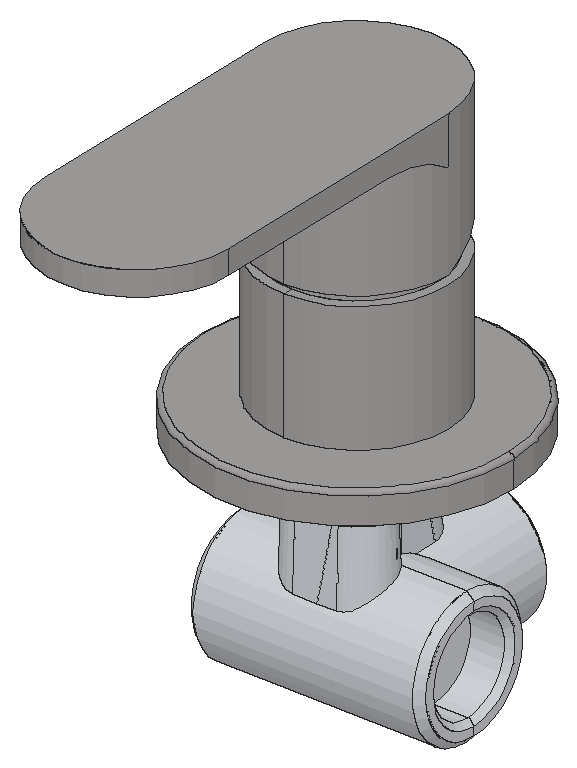
Revit family "Reece_Tap_Mizu_Soothe MK2_Shower Mixer", category Plumbing Fixtures, host Face, Revit 2018
Family settings
  Host = Face
  Round Connector Dimension = Use Diameter
  Part Type = Normal
  Cut with Voids When Loaded = No
  Shared = Yes
  Room Calculation Point = Yes
Parameters (values of type "Brushed Gunmetal")
  WFU = 0  # constant formula
  URL = "https://www.reece.com.au/product/-9512383"
  Type Comments = "Tap"
  Reece_Tap_Outlet = 25.00 mm  # constant formula
  Reece_Tap_Inlet = 25.00 mm  # constant formula
  Reece_Product_Web Page = "https://www.reece.com.au/product/-9512383"
  Reece_Product_Type = "Tap"  # constant formula
  Reece_Product_Sub Brand = "Soothe MK2"  # constant formula
  Reece_Product_Number = "9512383"
  Reece_Product_Mount = "Wall Mounted"  # constant formula
  Reece_Product_Description = "Mizu Soothe MK2 Shower Mixer Kit Brushed Gunmetal"
  Reece_Product_Brand = "Mizu"  # constant formula
  Reece_Overall_Length = 108.50 mm  # constant formula
  Reece_Material_Main = Reece_Brass_Brushed Gunmetal
  Reece_Detail_Installation = ""
  Reece_Detail_Disclaimer = "THIS FILE IS THE PROPERTY OF THE REECE GROUP. IT MAY NOT BE REPRODUCED, REVERSE-ENGINEERED, OR MODIFIED. ANY REPUBLICATION, TRANSMISSION, OR DISTRIBUTION FOR THE PURPOSE OF COMMERCIALLY EXPLOITING THE FILES IS PROHIBITED."  # constant formula
  Reece_Detail_Connector = ""
  Reece_Detail_Additional = "Diverter"  # constant formula
  Reece_Cabinet_Height = 65.00 mm  # constant formula
  Model = "Soothe MK2"
  Manufacturer = "Mizu"
  Keynote = "Product #9512383, Reece_Tap_Mizu_Soothe MK2_Shower Mixer - Brushed Gunmetal"
  HWFU = 0  # constant formula
  Disclaimer = "THIS FILE IS THE PROPERTY OF THE REECE GROUP. IT MAY NOT BE REPRODUCED, REVERSE-ENGINEERED, OR MODIFIED. ANY REPUBLICATION, TRANSMISSION, OR DISTRIBUTION FOR THE PURPOSE OF COMMERCIALLY EXPLOITING THE FILES IS PROHIBITED."  # constant formula
  Description = "Mizu Soothe MK2 Shower Mixer Kit Brushed Gunmetal"
  Default Elevation = 1000.00 mm
  CWFU = 0  # constant formula
Types (5, lengths in mm): name | URL | Reece_Product_Web Page | Reece_Product_Number | Reece_Product_Description | Reece_Material_Main | Keynote | Description
  Brushed Nickel | "https://www.reece.com.au/product/-9512382" | "https://www.reece.com.au/product/-9512382" | "9512382" | "Mizu Soothe MK2 Shower Mixer Kit Brushed Nickel" | Reece_Brass_Brushed Nickel | "Product #9512382, Reece_Tap_Mizu_Soothe MK2_Shower Mixer - Brushed Nickel" | "Mizu Soothe MK2 Shower Mixer Kit Brushed Nickel"
  Chrome | "https://www.reece.com.au/product/-9512380" | "https://www.reece.com.au/product/-9512380" | "9512380" | "Mizu Soothe MK2 Shower Mixer Kit Chrome" | Reece_Brass_Chrome | "Product #9512380, Reece_Tap_Mizu_Soothe MK2_Shower Mixer - Chrome" | "Mizu Soothe MK2 Shower Mixer Kit Chrome"
  Matte Black | "https://www.reece.com.au/product/-9512381" | "https://www.reece.com.au/product/-9512381" | "9512381" | "Mizu Soothe MK2 Shower Mixer Kit Matte Black" | Reece_Brass_Matte Black | "Product #9512381, Reece_Tap_Mizu_Soothe MK2_Shower Mixer - Matte Black" | "Mizu Soothe MK2 Shower Mixer Kit Matte Black"
  Brushed Gunmetal | "https://www.reece.com.au/product/-9512383" | "https://www.reece.com.au/product/-9512383" | "9512383" | "Mizu Soothe MK2 Shower Mixer Kit Brushed Gunmetal" | Reece_Brass_Brushed Gunmetal | "Product #9512383, Reece_Tap_Mizu_Soothe MK2_Shower Mixer - Brushed Gunmetal" | "Mizu Soothe MK2 Shower Mixer Kit Brushed Gunmetal"
  Brushed Brass | "https://www.reece.com.au/product/-9512384" | "https://www.reece.com.au/product/-9512384" | "9512384" | "Mizu Soothe MK2 Shower Mixer Kit Brushed Brass" | Reece_Brass_Brushed | "Product #9512384, Reece_Tap_Mizu_Soothe MK2_Shower Mixer - Brushed Brass" | "Mizu Soothe MK2 Shower Mixer Kit Brushed Brass"
Reference planes
  plane 1 "Center (Front/Back)": y = 0
  plane 2: z = 0
  plane 3 "Center (Left/Right)": x = 0
  plane 4: y = 32.5
  plane 5: y = -76
  plane 6: z = 65
Forms (mm)
  Revolve 1, solid, material "Reece_Brass_Brushed Gunmetal" <- "Reece_Material_Main"
    sketch origin (0, 0.055, -117.916) x (0, 1, 0) y (0, 0, 1)
      loop
        line (-19, 151.059) -> (-19, 117.916) -> (0, 117.916) -> (0, 168.059)
        arc (0, 168.059) -> (-12.021, 163.08) -> (-17, 151.059) r 17
        line (-17, 151.059) -> (-19, 151.059)
      axis (0, 168.059) -> (0, 117.916)
    angle from 0 to 360
  Revolve 2, solid
    sketch origin (0, 7.086, -35) x (0, -1, 0) y (0, 0, 1)
      loop
        line (7.086, 34.7) -> (7.086, 27.3) -> (26.086, 27.3) -> (26.086, 34.7) -> (7.086, 34.7)
      axis (7.086, 34.7) -> (7.086, 27.3)
    angle from 0 to 360
  Revolve 3, solid
    sketch origin (0.142, -6.986, -36.43) x (0, 1, 0) y (0, 0, -1)
      loop
        line (8.163, -13.75) -> (38.586, -13.75) -> (40.086, -12.25) -> (40.086, -10.7) -> (38.886, -9.5) -> (32.645, -9.5) -> (32.645, 0) -> (8.163, 0) -> (8.163, -13.75)
      axis (8.163, 0) -> (40.086, 0)
    angle from 0 to 360
  Revolve 4, solid
    sketch origin (-58.723, 0, -1.289) x (1, 0, 0) y (0, 0, 1)
      loop
        line (35.947, -49) -> (81.5, -49) -> (83, -47.5) -> (83, -45.7) -> (81.8, -44.5) -> (74.51, -44.5) -> (74.51, -35) -> (42.866, -35) -> (42.866, -44.5) -> (35.647, -44.5) -> (34.447, -45.7) -> (34.447, -47.5) -> (35.947, -49)
      axis (83, -35) -> (34.447, -35)
    angle from 0 to 360
  Revolve 5, void
    sketch origin (0, 0, 0) x (1, 0, 0) y (0, 0, 1)
      loop
        line (0, 6.5) -> (0, -53.5) -> (19, -53.5) -> (19, 6.5) -> (0, 6.5)
      axis (0, 6.5) -> (0, -53.5)
    angle from 0 to 360
  SweptBlend 6, solid
    path origin (0, 0, 0) x (0, 1, 0) y (0, 0, 1)
      loop
        line (-11.126, -30.592) -> (-11.126, -5.625)
    profile origin (0, -11.126, -30.592) x (0, -1, 0) y (1, 0, 0)
      loop
        line (0, 0) -> (0, 4.516)
        arc (0, 4.516) -> (-4.808, 10.868) -> (-12.227, 7.964) r 6.6
        arc (-12.227, 7.964) -> (-13.319, 6.914) -> (-14.785, 6.532) r 3
        line (-14.785, 6.532) -> (-24.322, 6.532)
        arc (-24.322, 6.532) -> (-30.854, 0) -> (-24.322, -6.532) r 6.532
        line (-24.322, -6.532) -> (-14.785, -6.532)
        arc (-14.785, -6.532) -> (-13.319, -6.914) -> (-12.227, -7.964) r 3
        arc (-12.227, -7.964) -> (-4.808, -10.868) -> (0, -4.516) r 6.6
        line (0, -4.516) -> (0, 0)
    end profile origin (0, -11.126, -5.625) x (0, -1, 0) y (1, 0, 0)
      loop
        arc (-19.416, 6.309) -> (-25.724, 0) -> (-19.416, -6.309) r 6.309
        line (-19.416, -6.309) -> (-13.92, -6.309)
        arc (-13.92, -6.309) -> (-12.496, -6.667) -> (-11.413, -7.658) r 3.004
        arc (-11.413, -7.658) -> (-4.978, -9.992) -> (-0.892, -4.5) r 5.734
        line (-0.892, -4.5) -> (-0.892, 4.5)
        arc (-0.892, 4.5) -> (-4.978, 9.992) -> (-11.413, 7.658) r 5.734
        arc (-11.413, 7.658) -> (-12.497, 6.667) -> (-13.921, 6.309) r 3.004
        line (-13.921, 6.309) -> (-19.416, 6.309)
  Sweep 7, solid, material "Reece_Brass_Brushed Gunmetal" <- "Reece_Material_Main"
    path origin (0, -11.126, 0) x (0, -1, 0) y (1, 0, 0)
      loop
        circle (-11.126, 0) r 32.5
    profile origin (0, 32.5, 0) x (0, -1, 0) y (0, 0, 1)
      loop
        line (0, 0) -> (3.455, 0) -> (3.455, 6.5) -> (1, 6.5)
        arc (1, 6.5) -> (0.293, 6.207) -> (0, 5.5) r 1
        line (0, 5.5) -> (0, 0)
  Extrusion 8, solid, material "Reece_Brass_Brushed Gunmetal" <- "Reece_Material_Main"
    sketch origin (0, 0, 0) x (1, 0, 0) y (0, 1, 0)
      loop
        circle (0, 0) r 29.045
    from 0 to 6.5
  Revolve 9, solid, material "Reece_Brass_Brushed Gunmetal" <- "Reece_Material_Main"
    sketch origin (0, -270.056, -0.7) x (0, 1, 0) y (0, 0, 1)
      loop
        line (270.056, 35.843) -> (270.056, 65.7) -> (251.056, 65.7) -> (251.056, 35.843) -> (270.056, 35.843)
      axis (270.056, 35.843) -> (270.056, 65.7)
    angle from 0 to 360
  Extrusion 10, solid, material "Reece_Brass_Brushed Gunmetal" <- "Reece_Material_Main"
    sketch origin (271.768, -35.207, 60) x (1, 0, 0) y (0, 1, 0)
      loop
        line (-252.768, -21.793) -> (-252.768, 35.207) -> (-290.768, 35.207) -> (-290.768, -21.793)
        arc (-290.768, -21.793) -> (-271.768, -40.793) -> (-252.768, -21.793) r 19
    from -5 to 5
  Extrusion 11, void
    sketch origin (0, 0, -0.7) x (0, 1, 0) y (0, 0, 1)
      loop
        line (-76.5, 60.7) -> (-76.5, 55.7) -> (0, 55.7)
        arc (0, 55.7) -> (-7.407, 59.419) -> (-15.595, 60.7) r 26.82
        line (-15.595, 60.7) -> (-76.5, 60.7)
    from -19 to 19
  Extrusion 12, void
    sketch origin (0, -10.109, 30.64) x (0, -0.91357, -0.406681) y (0, -0.406681, 0.91357)
      loop
        line (-4.065, 0) -> (-39.065, 0) -> (-39.065, -11.758) -> (-4.065, -11.758) -> (-4.065, 0)
    from -24.656 to 20.799
  Revolve 13, solid, material "Reece_Brass_Brushed Gunmetal" <- "Reece_Material_Main"
    sketch origin (0, -0.533, -105.361) x (0, 1, 0) y (0, 0, 1)
      loop
        line (-16.639, 153.504) -> (-16.639, 156.67) -> (-18.745, 156.67)
        arc (-18.745, 156.67) -> (-19.13, 156.511) -> (-19.289, 156.126) r 0.544
        line (-19.289, 156.126) -> (-19.289, 153.504) -> (-16.639, 153.504)
      axis (-16.639, 153.504) -> (-19.289, 153.504)
    angle from 0 to 360
Cuts and joins
  joined: Revolve 2, Revolve 3, Revolve 4, SweptBlend 6
  Extrusion 12 cuts Revolve 9
  Extrusion 11, Extrusion 12 cuts Extrusion 10
  joined: Revolve 1, Sweep 7, Extrusion 8, Revolve 9, Extrusion 10, Revolve 13
Text (mm)
  text "Reece Copyright © 2018, Reece Ltd." at (-500.21, -168.669, 0), in view "Ref. Level"
  text "Reece ©" at (34.197, 169.242, 112.824), in view "Reece Preview"
Dimensions and locks
  Revolve 1 sketch curve to Revolve 1 sketch curve = 19.00 mm
  "Reece_Cabinet_Height": plane 6 to host face
  "Reece_Overall_Length": plane 4 to plane 5
  aligned and locked: plane 2 to host face
  aligned and locked: level to host face
Automatic sketch dimensions
  host sketch curve to host sketch curve = 244.45 mm
  host sketch curve to host sketch curve = 246.302 mm
  Revolve 1 sketch curve to level = 0.00 mm
  plane 1 "Center (Front/Back)" to Revolve 1 sketch curve = 18.945 mm
  Revolve 1 sketch curve to Revolve 1 sketch curve = 2.00 mm
  Revolve 1 sketch curve to plane 1 "Center (Front/Back)" = 0.055 mm  (x2)
  Revolve 1 sketch curve to plane 6 = 31.857 mm
  Revolve 1 sketch curve to level = 458.726 mm
  plane 6 to Revolve 1 sketch curve = 2261.433 mm
  Revolve 2 sketch curve to plane 1 "Center (Front/Back)" = 0.00 mm  (x2)
  Revolve 2 sketch curve to level = 7.70 mm
  plane 1 "Center (Front/Back)" to Revolve 2 sketch curve = 19.00 mm
  Revolve 2 sketch curve to level = 0.30 mm
  level to Revolve 2 sketch curve = 30.00 mm
  Revolve 2 sketch curve to Revolve 2 sketch curve = 10.00 mm
  Revolve 3 sketch curve to plane 1 "Center (Front/Back)" = 1.178 mm
  Revolve 3 sketch curve to plane 4 = 6.841 mm
  Revolve 3 sketch curve to plane 4 = 0.90 mm
  Revolve 3 sketch curve to plane 4 = 0.60 mm
  plane 4 to Revolve 3 sketch curve = 0.60 mm
  Revolve 3 sketch curve to level = 22.68 mm
  Revolve 3 sketch curve to Revolve 3 sketch curve = 1.50 mm
  Revolve 3 sketch curve to Revolve 3 sketch curve = 1.55 mm
  Revolve 3 sketch curve to Revolve 3 sketch curve = 4.25 mm
  Revolve 3 sketch curve to Revolve 3 sketch curve = 9.50 mm
  plane 1 "Center (Front/Back)" to Revolve 3 sketch curve = 6.986 mm
  plane 4 to Revolve 3 sketch curve = 0.514 mm
  Revolve 3 sketch curve to Revolve 3 sketch curve = 0.00 mm
  Revolve 4 sketch curve to plane 3 "Center (Left/Right)" = 24.277 mm
  Revolve 4 sketch curve to Revolve 4 sketch curve = 1.20 mm  (x2)
  Revolve 4 sketch curve to Revolve 4 sketch curve = 1.50 mm  (x4)
  Revolve 4 sketch curve to Revolve 4 sketch curve = 7.219 mm
  plane 3 "Center (Left/Right)" to Revolve 4 sketch curve = 15.787 mm
  Revolve 4 sketch curve to Revolve 4 sketch curve = 6.99 mm
  Revolve 4 sketch curve to Revolve 4 sketch curve = 0.30 mm
  Revolve 4 sketch curve to level = 50.289 mm
  Revolve 4 sketch curve to Revolve 4 sketch curve = 0.00 mm
  Revolve 4 sketch curve to Revolve 4 sketch curve = 1.80 mm  (x2)
  Revolve 4 sketch curve to Revolve 4 sketch curve = 4.50 mm
  Revolve 4 sketch curve to Revolve 4 sketch curve = 9.50 mm
  Revolve 4 sketch curve to plane 3 "Center (Left/Right)" = 3.061 mm
  Revolve 4 sketch curve to Revolve 4 sketch curve = 25.491 mm
  Revolve 4 sketch curve to Revolve 4 sketch curve = 10.70 mm
  Revolve 5 sketch curve to plane 3 "Center (Left/Right)" = 0.00 mm  (x2)
  level to Revolve 5 sketch curve = 6.50 mm
  plane 3 "Center (Left/Right)" to Revolve 5 sketch curve = 19.00 mm
  Revolve 5 sketch curve to level = 53.50 mm
  Revolve 5 sketch curve to Revolve 5 sketch curve = 30.501 mm
  Revolve 5 sketch curve to Revolve 5 sketch curve = 11.979 mm
  plane 1 "Center (Front/Back)" to SweptBlend 6 sketch curve = 11.126 mm
  SweptBlend 6 sketch curve to level = 30.592 mm
  SweptBlend 6 sketch curve to level = 5.625 mm
  SweptBlend 6 sketch curve to plane 3 "Center (Left/Right)" = 0.00 mm  (x2)
  profile plane to SweptBlend 6 sketch curve = 24.322 mm
  SweptBlend 6 sketch curve to SweptBlend 6 sketch curve = 9.537 mm  (x2)
  profile plane to SweptBlend 6 sketch curve = 6.60 mm  (x2)
  profile plane to SweptBlend 6 sketch curve = 0.00 mm
  SweptBlend 6 sketch curve to plane 3 "Center (Left/Right)" = 4.516 mm
  SweptBlend 6 sketch curve to plane 3 "Center (Left/Right)" = 6.532 mm
  SweptBlend 6 sketch curve to SweptBlend 6 sketch curve = 3.00 mm  (x2)
  plane 3 "Center (Left/Right)" to SweptBlend 6 sketch curve = 4.516 mm
  plane 3 "Center (Left/Right)" to SweptBlend 6 sketch curve = 6.309 mm
  profile plane to SweptBlend 6 sketch curve = 19.416 mm
  SweptBlend 6 sketch curve to SweptBlend 6 sketch curve = 0.00 mm  (x2)
  SweptBlend 6 sketch curve to SweptBlend 6 sketch curve = 5.495 mm
  SweptBlend 6 sketch curve to SweptBlend 6 sketch curve = 0.001 mm
  SweptBlend 6 sketch curve to SweptBlend 6 sketch curve = 5.496 mm
  plane 3 "Center (Left/Right)" to SweptBlend 6 sketch curve = 4.50 mm  (x2)
  profile plane to SweptBlend 6 sketch curve = 6.626 mm  (x2)
  SweptBlend 6 sketch curve to plane 3 "Center (Left/Right)" = 4.50 mm  (x2)
  profile plane to SweptBlend 6 sketch curve = 0.892 mm
  SweptBlend 6 sketch curve to plane 3 "Center (Left/Right)" = 6.309 mm
  SweptBlend 6 sketch curve to SweptBlend 6 sketch curve = 2.508 mm
  SweptBlend 6 sketch curve to SweptBlend 6 sketch curve = 2.507 mm
  plane 1 "Center (Front/Back)" to Sweep 7 sketch curve = 0.00 mm
  Sweep 7 sketch curve to plane 3 "Center (Left/Right)" = 0.00 mm
  Sweep 7 sketch curve to profile plane = 0.00 mm  (x2)
  Sweep 7 sketch curve to Sweep 7 sketch curve = 1.00 mm
  Sweep 7 sketch curve to Sweep 7 sketch curve = 2.455 mm
  profile plane to Sweep 7 sketch curve = 5.50 mm
  Extrusion 8 sketch curve to Extrusion 8 sketch curve = 0.00 mm  (x2)
  plane 1 "Center (Front/Back)" to Extrusion 8 sketch curve = 0.00 mm
  Extrusion 8 sketch curve to plane 3 "Center (Left/Right)" = 0.00 mm
  Extrusion 8 sketch curve to Extrusion 8 sketch curve = 29.045 mm
  plane 6 to Revolve 9 sketch curve = 0.00 mm
  Revolve 9 sketch curve to plane 1 "Center (Front/Back)" = 0.00 mm  (x2)
  plane 1 "Center (Front/Back)" to Revolve 9 sketch curve = 19.00 mm
  Revolve 9 sketch curve to plane 6 = 29.857 mm
  Revolve 9 sketch curve to Revolve 9 sketch curve = 17.391 mm
  Revolve 9 sketch curve to Revolve 9 sketch curve = 12.753 mm
  plane 1 "Center (Front/Back)" to Extrusion 10 sketch curve = 0.00 mm
  Extrusion 10 sketch curve to plane 3 "Center (Left/Right)" = 0.00 mm
  Extrusion 10 sketch curve to plane 3 "Center (Left/Right)" = 19.00 mm
  plane 5 to Extrusion 10 sketch curve = 19.00 mm
  Extrusion 11 sketch curve to plane 1 "Center (Front/Back)" = 0.00 mm
  Extrusion 11 sketch curve to plane 6 = 5.00 mm
  plane 1 "Center (Front/Back)" to Extrusion 11 sketch curve = 15.595 mm
  Extrusion 11 sketch curve to plane 5 = 0.50 mm
  Extrusion 11 sketch curve to Extrusion 11 sketch curve = 5.00 mm
  Extrusion 12 sketch curve to plane 4 = 6.92 mm
  Extrusion 12 sketch curve to plane 6 = 18.473 mm
  Extrusion 12 sketch curve to Extrusion 12 sketch curve = 35.00 mm
  Extrusion 12 sketch curve to Extrusion 12 sketch curve = 11.758 mm
  plane 1 "Center (Front/Back)" to Revolve 13 sketch curve = 19.822 mm
  Revolve 13 sketch curve to Revolve 13 sketch curve = 0.544 mm
  Revolve 13 sketch curve to Revolve 13 sketch curve = 2.106 mm
  Revolve 13 sketch curve to plane 6 = 16.857 mm
  Revolve 13 sketch curve to Revolve 13 sketch curve = 2.622 mm
  Revolve 13 sketch curve to Revolve 13 sketch curve = 1.396 mm
  Revolve 13 sketch curve to Revolve 13 sketch curve = 1.154 mm
  Revolve 13 sketch curve to Revolve 13 sketch curve = 0.00 mm
  radius of Sweep 7 sketch curve = 32.50 mm
Connectors
  piping at (0.142, 25.659, -36.43), diameter 25, driven by "Reece_Tap_Outlet"
    settings: on cut or joined group of Revolve 2, Revolve 3, Revolve 4, SweptBlend 6, index 1, connector inside diameter 609.6 mm, connector length 0.00 mm, flow factor 0, pipe flow 0.0 L/s, pressure drop 0.0 Pa, fitting loss kfactor 0, connector angle 0.00°, fixture units 0, engagement length 0.00 mm, angle of deflection 0.00°, flow configuration 0, flow direction 2, fitting loss method 0, system type 29, joint type 0, gender type 0, connector reference index -1, connector utility 0, adjustable connector no, is connector primary yes, connector description ""
  piping at (-15.857, 0, -36.289), diameter 25, driven by "Reece_Tap_Inlet"
    settings: on cut or joined group of Revolve 2, Revolve 3, Revolve 4, SweptBlend 6, index 2, connector inside diameter 609.6 mm, connector length 0.00 mm, flow factor 0, pipe flow 0.0 L/s, pressure drop 0.0 Pa, fitting loss kfactor 0, connector angle 0.00°, fixture units 0, engagement length 0.00 mm, angle of deflection 0.00°, flow configuration 0, flow direction 1, fitting loss method 0, system type 29, joint type 0, gender type 0, connector reference index -1, connector utility 0, adjustable connector no, is connector primary no, connector description ""
  piping at (15.787, 0, -36.289), diameter 25, driven by "Reece_Tap_Inlet"
    settings: on cut or joined group of Revolve 2, Revolve 3, Revolve 4, SweptBlend 6, index 3, connector inside diameter 609.6 mm, connector length 0.00 mm, flow factor 0, pipe flow 0.0 L/s, pressure drop 0.0 Pa, fitting loss kfactor 0, connector angle 0.00°, fixture units 0, engagement length 0.00 mm, angle of deflection 0.00°, flow configuration 0, flow direction 1, fitting loss method 0, system type 29, joint type 0, gender type 0, connector reference index -1, connector utility 0, adjustable connector no, is connector primary no, connector description ""
